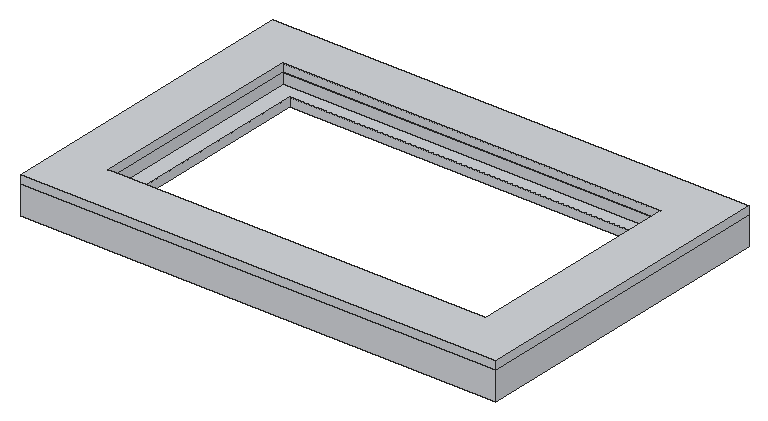
Revit family "Gira_100122", category Electrical Fixtures, host Face, Revit 2017
Family settings
  Host = Face
  Maintain Annotation Orientation = No
  Round Connector Dimension = Use Diameter
  Part Type = Normal
  Cut with Voids When Loaded = No
  Shared = No
  Room Calculation Point = No
Parameters (values of type "Abdeckrahmen 1,5f Gira E2 Reinweiß m")
  Werkstoffgüte = "Thermoplast"
  Werkstoff = "Kunststoff"
  URL = "http://katalog.gira.de/de_DE/datenblatt.html?artikelnr=100122"
  Transparent = "No"
  Textfeld/Beschriftungsfläche = "No"
  Schutzart (IP) = "IP20"
  Region = "DE"
  Oberfläche = "sonstige"
  Name = "Abdeckrahmen 1,5f Gira E2 Reinweiß m"
  Montagerichtung = "horizontal und vertikal"
  Mit Montagerahmen = "No"
  Mit Klappdeckel = "No"
  Manufacturer URL = "https://www.gira.de/"
  Keynote = "E2-Rahmen_1,5fach"
  HeinzeBIM = "https://bimportal.heinze.de/bim/abdeckrahmen-1-5f-gira-e2-reinweiss-m/a1d866e4d4d9952b49c37326d33c59de71fe001f"
  Halogenfrei = "Yes"
  HAN = "100122"
  Geeignet für Unterputz-Installation = "Yes"
  Geeignet für Unterflurkanaldose = "No"
  Geeignet für Geräteeinbaukanal = "No"
  Geeignet für Einbauinstallation = "No"
  GTIN = "4010337881322"
  Farbe = "weiß"
  Default Elevation = 1219.2 mm
  Data sheet (1) = "https://katalog.gira.de/de_DE/download.html?artikelnr=100122"
  Category = "Abdeckrahmen"
  Befestigungsart = "Klemmbefestigung"
  Available = "Yes"
  Anzahl der Einheiten vertikal = "1,5 "
  Anzahl der Einheiten horizontal = "1,5 "
  Anzahl der Einheiten = "1 "
Reference planes
  plane 1 "Center (Front/Back)": y = 0
  plane 2: z = 0
  plane 3 "Center (Left/Right)": x = 0
Forms (mm)
  Extrusion 1, solid, detail levels fine
    sketch origin (0, 0, 0) x (1, 0, 0) y (0, 1, 0)
      loop
        line (60.721, 40.421) -> (-60.721, 40.421) -> (-60.721, -40.421) -> (60.721, -40.421) -> (60.721, 40.421)
      loop
        line (-48.3, -28) -> (48.3, -28) -> (48.3, 28) -> (-48.3, 28) -> (-48.3, -28)
    from 7.3 to 9.3
  Extrusion 2, solid, detail levels fine
    sketch origin (0, 0, 0) x (1, 0, 0) y (0, 1, 0)
      loop
        line (-60.721, 40.421) -> (-60.721, -40.421) -> (60.721, -40.421) -> (60.721, 40.421) -> (-60.721, 40.421)
      loop
        line (-58.919, -38.619) -> (58.919, -38.619) -> (58.919, 38.619) -> (-58.919, 38.619) -> (-58.919, -38.619)
    from 0 to 7.3
  Extrusion 3, solid, detail levels fine
    sketch origin (0, 0, 0) x (1, 0, 0) y (0, 1, 0)
      loop
        line (-44, -24.75) -> (44, -24.75) -> (44, 24.75) -> (-44, 24.75) -> (-44, -24.75)
      loop
        line (-48.3, -28) -> (48.3, -28) -> (48.3, 28) -> (-48.3, 28) -> (-48.3, -28)
    from 2.2 to 4.5
  Extrusion 4, solid, detail levels fine
    sketch origin (0, 0, 0) x (1, 0, 0) y (0, 1, 0)
      loop
        line (49.78, -27.48) -> (49.78, 27.48)
        spline (49.78, 27.48) -> (49.763, 27.741) -> (49.712, 27.998) -> (49.628, 28.245) -> (49.512, 28.48) -> (49.367, 28.698) -> (49.194, 28.894) -> (48.998, 29.067) -> (48.78, 29.212) -> (48.545, 29.328) -> (48.298, 29.412) -> (48.041, 29.463) -> (47.78, 29.48)
        line (47.78, 29.48) -> (-47.78, 29.48)
        spline (-47.78, 29.48) -> (-48.041, 29.463) -> (-48.298, 29.412) -> (-48.545, 29.328) -> (-48.78, 29.212) -> (-48.998, 29.067) -> (-49.194, 28.894) -> (-49.367, 28.698) -> (-49.512, 28.48) -> (-49.628, 28.245) -> (-49.712, 27.998) -> (-49.763, 27.741) -> (-49.78, 27.48)
        line (-49.78, 27.48) -> (-49.78, -27.48)
        spline (-49.78, -27.48) -> (-49.763, -27.741) -> (-49.712, -27.998) -> (-49.628, -28.245) -> (-49.512, -28.48) -> (-49.367, -28.698) -> (-49.194, -28.894) -> (-48.998, -29.067) -> (-48.78, -29.212) -> (-48.545, -29.328) -> (-48.298, -29.412) -> (-48.041, -29.463) -> (-47.78, -29.48)
        line (-47.78, -29.48) -> (47.78, -29.48)
        spline (47.78, -29.48) -> (48.041, -29.463) -> (48.298, -29.412) -> (48.545, -29.328) -> (48.78, -29.212) -> (48.998, -29.067) -> (49.194, -28.894) -> (49.367, -28.698) -> (49.512, -28.48) -> (49.628, -28.245) -> (49.712, -27.998) -> (49.763, -27.741) -> (49.78, -27.48)
      loop
        line (-48.3, -28) -> (48.3, -28) -> (48.3, 28) -> (-48.3, 28) -> (-48.3, -28)
    from 2.2 to 7.3
  Extrusion 5, solid, detail levels coarse+medium
    sketch origin (0, 0, 0) x (1, 0, 0) y (0, 1, 0)
      loop
        line (-60.721, 40.421) -> (-60.721, -40.421) -> (60.721, -40.421) -> (60.721, 40.421) -> (-60.721, 40.421)
    from 0 to 9.3
Dimensions and locks
  aligned and locked: plane 2 to host face
  aligned and locked: level to host face
